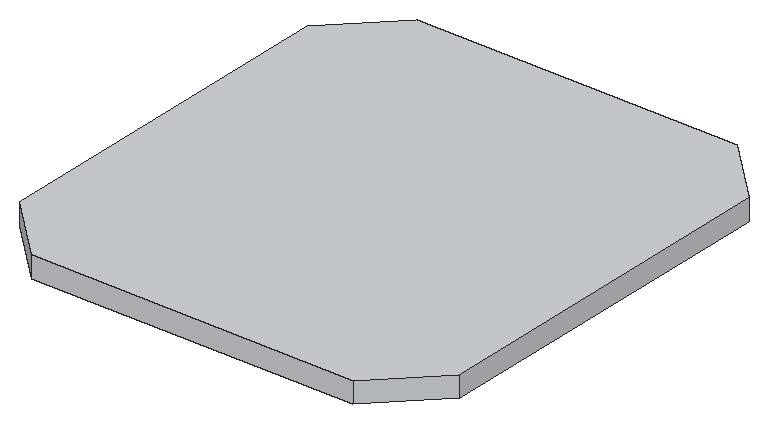
Revit family "Xi_Xom", category Plumbing Fixtures, Revit 2025
Family settings
  Round Connector Dimension = Use Diameter
  Part Type = Normal
  OmniClass Number = 23.45.00.00
  OmniClass Title = Sanitary, Laundry, and Cleaning Equipment
  Work Plane-Based = No
  Enable Cutting in Views = No
  Always vertical = Yes
  Cut with Voids When Loaded = No
  Maintain Annotation Orientation = No
  Shared = No
  Room Calculation Point = No
Parameters
  Default Elevation = 0 mm
Reference planes
  plane 1 "Center (Front/Back)": y = 0
  plane 2: z = 0
  plane 3 "Center (Left/Right)": x = 0
Forms (mm)
  Extrusion 1, solid
    sketch origin (0, 0, 0) x (1, 0, 0) y (0, 1, 0)
      loop
        line (192, 0) -> (264, 72) -> (264, 504) -> (192, 576) -> (-192, 576) -> (-264, 504) -> (-264, 72) -> (-192, 0) -> (192, 0)
    from 0 to 25
Lines and regions (mm)
  symbolic lines
    curve 1: line (192, 19.2, 0) -> (244.8, 72, 0)
    curve 2: line (244.8, 72, 0) -> (244.8, 504, 0)
    curve 3: line (244.8, 504, 0) -> (192, 556.8, 0)
    curve 4: line (192, 556.8, 0) -> (-192, 556.8, 0)
    curve 5: line (-192, 556.8, 0) -> (-244.8, 504, 0)
    curve 6: line (-244.8, 504, 0) -> (-244.8, 72, 0)
    curve 7: line (-244.8, 72, 0) -> (-192, 19.2, 0)
    curve 8: line (-192, 19.2, 0) -> (192, 19.2, 0)
    curve 9: arc (53.664, 432, 0) -> (0, 485.664, 0) -> (-53.664, 432, 0) r 53.664
    curve 10: arc (-53.664, 432, 0) -> (0, 378.336, 0) -> (53.664, 432, 0) r 53.664
    curve 11: line (-192, 96, 0) -> (-72, 96, 0)
    curve 12: line (192, 96, 0) -> (72, 96, 0)
    curve 13: line (-72, 96, 0) -> (-72, 216, 0)
    curve 14: line (72, 96, 0) -> (72, 216, 0)
    curve 15: line (-72, 216, 0) -> (-102.278, 288.499, 0)
    curve 16: line (72, 216, 0) -> (102.278, 288.499, 0)
    curve 17: line (-102.278, 288.499, 0) -> (-125.885, 305.798, 0)
    curve 18: line (102.278, 288.499, 0) -> (125.885, 305.798, 0)
    curve 19: line (-125.885, 305.798, 0) -> (-168.374, 312.086, 0)
    curve 20: line (125.885, 305.798, 0) -> (168.374, 312.086, 0)
    curve 21: line (-168.374, 312.086, 0) -> (-192, 312, 0)
    curve 22: line (168.374, 312.086, 0) -> (192, 312, 0)
Dimensions and locks
  aligned and locked: level to plane 2
